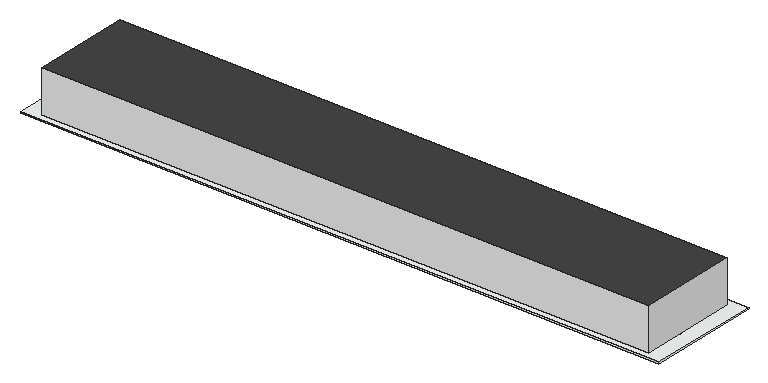
Revit family "HVAC_Ductwork_Airzone_Return-Linear-Diffuser_DFLI1", category Air Terminals, Revit 2016
Family settings
  Part Type = Normal
  Round Connector Dimension = Use Diameter
  OmniClass Number = 23.75.70.21
  OmniClass Title = Terminals for Air
  Work Plane-Based = No
  Always vertical = Yes
  Cut with Voids When Loaded = No
  Shared = No
  Room Calculation Point = Yes
Parameters (values of type "INVALID TYPE - Use Load Family and Type Catalog instead")
  c8 = -0.6279  # constant formula
  c7 = 0.02769  # constant formula
  c6 = -5.505  # constant formula
  c5 = 53.51  # constant formula
  c4 = -37.4  # constant formula
  c3 = -87.76  # constant formula
  c2 = -2.073  # constant formula
  c1 = 0.000712  # constant formula
  Velocity [instance] = (Q / (36 * Ak)) * 1.0 m/s  # 1.98413 m/s
  URL = "www.airzone.es"
  Type Image Comments = "Image available in product documentation download"  # constant formula
  Type Comments = ""
  Throw Distance [instance] = round((c7 * (Ak ^ c8) * Q) * 1000) * 1 mm  # 2901 mm
  Sound Level in dBA [instance] = round((c3 + (c4 * log(Ak))) + ((c5 + (c6 * log(Ak))) * log(Q)))  # 13
  Right Cap [instance] = yes
  Revit Model Version = "1.0"  # constant formula
  Q [instance] = (1000 mm / Duct Width) * Flow / 1 m³/h  # 200
  Product Documentation Download URL = "http://doc.airzone.es/BIM/AirQ/Airzone_DFLI.zip"
  Product Comments = "Refer to technical documentation for further details"  # constant formula
  Product Code = "INVALID – Type not loaded via type catalog"
  Pressure Drop [instance] = ((c1 * (Ak ^ c2)) * (Q ^ 2)) * 1.0 Pa  # 3.36962 Pa
  Model = Product Code  # "INVALID – Type not loaded via type catalog"
  Min Flow = 75 m³/h
  Max Flow = 600 m³/h
  Manufacturer = "AIRZONE"  # constant formula
  Main Material = Metal - AIRZONE - Extruded Aluminium - White (RAL 9010)
  Long Description = "Long-range linear diffuser to enable the air supply. 1-4 air outlets. Provided with moving slats, it is designed to be installed in HVAC duct networks. Available in four different models"  # constant formula
  Left Cap [instance] = yes
  Flow [instance] = 200 m³/h
  Fixing = "Fixing bracket. Plenum"  # constant formula
  Finish = "White ( RAL 9010)"
  Effective Area = (Ak / (1000 mm / Duct Width)) * 100.00 cm²  # 280.00 cm²
  Duct Width = 1000 mm
  Duct Height = 200 mm
  Disclaimer = "All information provided in this model is reviewed before being published. However, Airzone cannot guarantee this model is error-free, therefore users are strongly encouraged to check for technical documentation and updates"  # constant formula
  Description = "Linear diffuser"  # constant formula
  Compatible Accesories = "Plenum for lineal diffuser (PLEN). Linear diffuser corner (DFLIxSQ)"  # constant formula
  Ak = 2.8
  Accessories Material = Metal - AIRZONE - Aluminium - Satin
Reference planes
  plane 1 "Center (Front/Back)": y = 0
  plane 2: z = 0
  plane 3 "Center (Left/Right)": x = 0
Dimensions and locks
  aligned and locked: level to plane 2
  aligned and locked: plane 3 "Center (Left/Right)" to nested 1
  aligned and locked: plane 1 "Center (Front/Back)" to nested 1
Nested families
  nested 1: "DFLI_Diffuser" at (0, 0, 0), Main Material <- "Main Material", Accessories Material <- "Accessories Material", Duct Height <- "Duct Height", Duct Width <- "Duct Width", Left Cap <- "Left Cap", Right Cap <- "Right Cap", type "Standard"
    with Slats Width 161.9 mm, Slats Length 1000 mm, Slats Height 68.7 mm, Right Cap Length 26 mm, Right Cap yes, Outlet Single Visibility no, Outlet Group Visibility yes, Main Material Metal - AIRZONE - Extruded Aluminium - White (RAL 9010), Left Cap Length 26 mm, Left Cap yes, Duct Width 1000 mm, Duct Height 200 mm, Actual Number of Outlets 4, Accessories Material Metal - AIRZONE - Aluminium - Satin
Connectors
  hvac at (0, 0, 68.7), driven by "Pressure Drop", driven by "Flow", driven by "Duct Height", driven by "Duct Width"
    settings: on nested 1, index 1, duct flow 200 m³/h, flow factor 0, pres drop 3.36962 Pa, loss coef 0, conn angle 0.00°, conn width 1000 mm, conn height 200 mm, conn diameter 609.6 mm, duct sys type 2, conn prof type 1, flow config 1, flow direction 2, loss method 4, conn ref index -1, conn util no, is conn primary yes, conn desc "Return Air"
Definition of nested family "DFLI_Diffuser"
  Parameters (values of type "Standard")
    URL = "www.airzone.es"
    Type Comments = ""
    Slats Width [instance] = if(Duct Height < 110 mm, 47 mm, if(Duct Height < 150 mm, 85.3 mm, if(Duct Height < 200 mm, 123.3 mm, 161.9 mm)))  # 161.9 mm
    Slats Length [instance] = Duct Width  # 1000 mm
    Slats Height [instance] = 68.7 mm  # constant formula
    Right Cap Length [instance] = if(Right Cap, 26 mm, 0 mm)  # 26 mm
    Right Cap [instance] = yes
    Revit Model Version = "1.0"  # constant formula
    Revit Model Author URL = "www.a3d.es"
    Revit Model Author = "A3D Consulting"  # constant formula
    Outlet Single Visibility [instance] = not(Slats Width > 47 mm)  # no
    Outlet Group Visibility [instance] = Slats Width > 47 mm  # yes
    Min Flow = 150 m³/h
    Max Flow = 300 m³/h
    Manufacturer = "AIRZONE"  # constant formula
    Main Material [instance] = none
    Left Cap Length [instance] = if(Left Cap, 26 mm, 0 mm)  # 26 mm
    Left Cap [instance] = yes
    Duct Width [instance] = 1000 mm
    Duct Height [instance] = 200 mm
    Disclaimer = "All information provided in this model is reviewed before being published. However, Airzone cannot guarantee this model is error-free, therefore users are strongly encouraged to check for technical documentation and updates"  # constant formula
    Actual Number of Outlets [instance] = if(not(Slats Width > 85.3 mm), 2, if(not(Slats Width > 123.6 mm), 3, 4))  # 4
    Accessories Material [instance] = none
  Reference planes
    plane 1 "Center (Front/Back)": y = 0
    plane 2: z = 0
    plane 3 "Center (Left/Right)": x = 0
    plane 4 "Left": x = -526
    plane 5 "Right": x = 526
    plane 6 "Front": y = -91.95
    plane 7 "Back": y = 91.95
    plane 8 "Inner Left": x = -500
    plane 9 "Inner Right": x = 500
    plane 10 "Inner Back": y = 80.95
    plane 11 "Inner Front": y = -80.95
    plane 12 "First Outlet": y = -56.95
    plane 13 "Last Outlet": y = 56.95
  Forms (mm)
    Extrusion 1, solid, material <- "Main Material"
      sketch origin (0, 0, 0) x (1, 0, 0) y (0, 1, 0)
        loop
          line (-526, 91.95) -> (-526, -91.95) -> (526, -91.95) -> (526, 91.95) -> (-526, 91.95)
      from -2 to 0
    Extrusion 2, solid, material <- "Accessories Material"
      sketch origin (0, 0, 0) x (1, 0, 0) y (0, 1, 0)
        loop
          line (-500, 80.95) -> (-500, -80.95) -> (500, -80.95) -> (500, 80.95) -> (-500, 80.95)
      from 0 to 68.7 <- "Slats Height"
    Extrusion 3, void
      sketch origin (0, 0, 0) x (1, 0, 0) y (0, 1, 0)
        loop
          line (526, 96.95) -> (526, -96.95) -> (550, -96.95) -> (550, 96.95) -> (526, 96.95)
      from -3 to 1
    Extrusion 4, void
      sketch origin (0, 0, 0) x (1, 0, 0) y (0, 1, 0)
        loop
          line (-550, 96.95) -> (-550, -96.95) -> (-526, -96.95) -> (-526, 96.95) -> (-550, 96.95)
      from -3 to 1
  Cuts and joins
    Extrusion 3, Extrusion 4 cuts Extrusion 1
  Dimensions and locks
    equal spacing: plane 10 "Inner Back", plane 1 "Center (Front/Back)", plane 11 "Inner Front"
    "Slats Width": plane 10 "Inner Back" to plane 11 "Inner Front"
    equal spacing: plane 8 "Inner Left", plane 3 "Center (Left/Right)", plane 9 "Inner Right"
    "Slats Length": plane 8 "Inner Left" to plane 9 "Inner Right"
    locked: plane 4 "Left" to plane 8 "Inner Left" at 26
    locked: plane 9 "Inner Right" to plane 5 "Right" at 26
    locked: plane 7 "Back" to plane 10 "Inner Back" at 11
    locked: plane 11 "Inner Front" to plane 6 "Front" at 11
    equal spacing: group 1, group 3, group 4, group 2  (x3)
    locked: plane 7 "Back" to plane 13 "Last Outlet" at 35
    locked: plane 12 "First Outlet" to plane 6 "Front" at 35
    locked: plane 6 "Front" to Extrusion 3 sketch curve at 5
    locked: Extrusion 3 sketch curve to plane 7 "Back" at 5
    locked: plane 9 "Inner Right" to Extrusion 3 sketch curve at 50
    "Right Cap Length": plane 9 "Inner Right" to Extrusion 3 sketch curve
    locked: plane 6 "Front" to Extrusion 4 sketch curve at 5
    locked: Extrusion 4 sketch curve to plane 7 "Back" at 5
    locked: Extrusion 4 sketch curve to plane 8 "Inner Left" at 50
    "Left Cap Length": Extrusion 4 sketch curve to plane 8 "Inner Left"
    aligned and locked: level to plane 2
    aligned and locked: plane 4 "Left" to Extrusion 1 sketch curve
    aligned and locked: Extrusion 1 sketch curve to plane 7 "Back"
    aligned and locked: Extrusion 1 sketch curve to plane 5 "Right"
    aligned and locked: plane 6 "Front" to Extrusion 1 sketch curve
    aligned and locked: Extrusion 2 sketch curve to plane 8 "Inner Left"
    aligned and locked: Extrusion 2 sketch curve to plane 10 "Inner Back"
    aligned and locked: plane 9 "Inner Right" to Extrusion 2 sketch curve
    aligned and locked: plane 11 "Inner Front" to Extrusion 2 sketch curve
    aligned and locked: plane 3 "Center (Left/Right)" to nested 1
    aligned and locked: nested 1 to plane 12 "First Outlet"
    aligned and locked: plane 13 "Last Outlet" to nested 2
    aligned and locked: plane 3 "Center (Left/Right)" to nested 5
    aligned and locked: nested 5 to plane 12 "First Outlet"
  Nested families
    nested 1: "DFLI_Outlet" at (0, -56.95, -2), Length <- "Slats Length", visible <- "Outlet Group Visibility", type "Standard"
      with Length 1000 mm
    nested 2: "DFLI_Outlet" at (0, 56.95, -2), Length <- "Slats Length", visible <- "Outlet Group Visibility", type "Standard"
      with Length 1000 mm
    nested 3: "DFLI_Outlet" at (0, -18.983, -2), Length <- "Slats Length", visible <- "Outlet Group Visibility", type "Standard"
      with Length 1000 mm
    nested 4: "DFLI_Outlet" at (0, 18.983, -2), Length <- "Slats Length", visible <- "Outlet Group Visibility", type "Standard"
      with Length 1000 mm
    nested 5: "DFLI_Outlet" at (0, -56.95, -2), visible <- "Outlet Single Visibility", Length <- "Slats Length", type "Standard"
      with Length 1000 mm
  Definition of nested family "DFLI_Outlet"
    Parameters (values of type "Standard")
      URL = "www.airzone.es"
      Type Comments = ""
      Revit Model Version = "1.0"  # constant formula
      Revit Model Author URL = "www.a3d.es"
      Revit Model Author = "A3D Consulting"  # constant formula
      Min Flow = 0 m³/h
      Max Flow = 0 m³/h
      Manufacturer = "AIRZONE"  # constant formula
      Length [instance] = 179 mm
      Default Elevation = 0 mm
    Reference planes
      plane 1 "Center (Front/Back)": y = 0
      plane 2: z = 0
      plane 3 "Center (Left/Right)": x = 0
      plane 4 "Left": x = -89.5
      plane 5 "Right": x = 89.5
    Forms (mm)
      Extrusion 1, solid, detail levels fine
        sketch origin (0, 0, 0) x (1, 0, 0) y (0, 1, 0)
          loop
            line (-89.5, -8.5) -> (89.5, -8.5) -> (89.5, 8.5) -> (-89.5, 8.5) -> (-89.5, -8.5)
        from -1 to 0
    Lines and regions (mm)
      model lines, detail levels medium
        curve 1: line (89.5, 0, 0) -> (-89.5, 0, 0)
      symbolic lines, detail levels medium
        curve 2: line (-89.5, 0, 0) -> (89.5, 0, 0)
      symbolic lines, detail levels fine
        curve 3: line (-89.5, 8.5, 0) -> (89.5, 8.5, 0)
        curve 4: line (89.5, 8.5, 0) -> (89.5, -8.5, 0)
        curve 5: line (89.5, -8.5, 0) -> (-89.5, -8.5, 0)
        curve 6: line (-89.5, -8.5, 0) -> (-89.5, 8.5, 0)
    Dimensions and locks
      equal spacing: plane 4 "Left", plane 3 "Center (Left/Right)", plane 5 "Right"
      "Length": plane 4 "Left" to plane 5 "Right"
      equal spacing: curve 5, plane 1 "Center (Front/Back)", curve 3
      locked: curve 5 to curve 3 at 17
      equal spacing: Extrusion 1 sketch curve, plane 1 "Center (Front/Back)", Extrusion 1 sketch curve
      locked: Extrusion 1 sketch curve to Extrusion 1 sketch curve at 17
      aligned and locked: level to plane 2
      aligned and locked: plane 1 "Center (Front/Back)" to curve 2
      aligned and locked: curve 1 to plane 1 "Center (Front/Back)"
      aligned and locked: plane 4 "Left" to curve 6
      aligned and locked: plane 5 "Right" to curve 4
      aligned and locked: Extrusion 1 sketch curve to plane 4 "Left"
      aligned and locked: Extrusion 1 sketch curve to plane 5 "Right"
